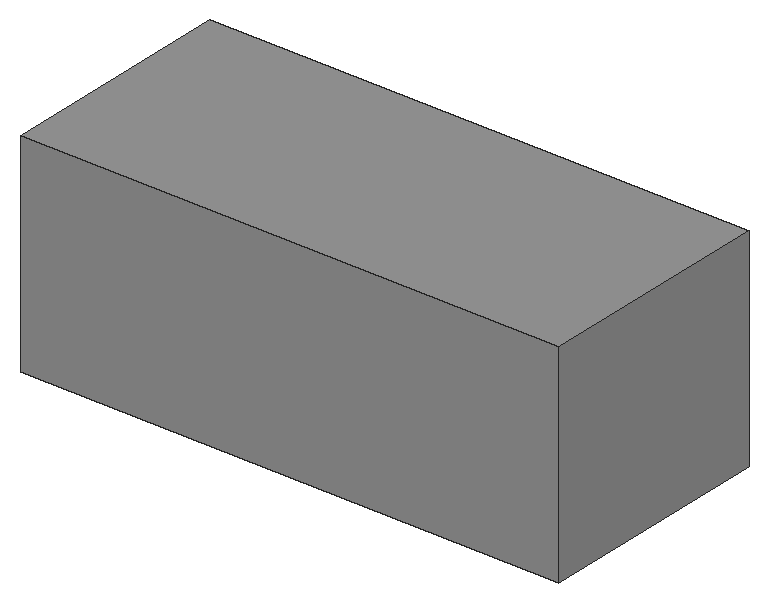
Revit family "MELINA_18W_E27_NOIR", category Lighting Fixtures, host Wall, Revit 2021
Family settings
  Host = Wall
  Round Connector Dimension = Use Diameter
  Part Type = Normal
  OmniClass Number = 23.80.70.00
  OmniClass Title = Lighting
  Always vertical = Yes
  Cut with Voids When Loaded = No
  Light Source = Yes
  Shared = No
  Room Calculation Point = No
Parameters (values of type "Type 1")
  Wattage = 9.2903 W
  built-in parameter 1150110 = 1 (stored number, unit not read)
  Type de lampe = "LED"
  Type de douille = "E27"
  Type = "Applique murale"
  built-in parameter 1114217 = 1 (stored number, unit not read)
  built-in parameter 1150109 = 1 (stored number, unit not read)
  built-in parameter 1150134 = (empty or 0)
  built-in parameter 1150113 = 1 (stored number, unit not read)
  Puissance nominale = "Max 18W"
  Matériau = "ABS"
  Lumens = 1380 lm
  built-in parameter 1150115 = 1 (stored number, unit not read)
  built-in parameter 1150105 = 439.27 (stored number, unit not read)
  Light Source Symbol Size = 609.6 mm
  built-in parameter 1150137 = (empty or 0)
  built-in parameter 1150139 = (empty or 0)
  built-in parameter 1150112 = 1 (stored number, unit not read)
  built-in parameter 1150114 = 1 (stored number, unit not read)
  built-in parameter 1150132 = 2
  built-in parameter 1150102 = (empty or 0)
  built-in parameter 1150138 = (empty or 0)
  built-in parameter 1150107 = 3000 (stored number, unit not read)
  built-in parameter 1150106 = 4.3927 (stored number, unit not read)
  Fintion = "Noir"
  Emit from Line Length = 609.6 mm
  built-in parameter 1150104 = 13.8 (stored number, unit not read)
  Dimming Lamp Color Temperature Shift = <None>
  Dimensions = "230 x 90 x 101 mm"
  Diffuseur = "Polycarbonate"
  Default Elevation = 0 mm
  Color Filter = 16777215
  built-in parameter 1114218 = 1 (stored number, unit not read)
  built-in parameter 1150133 = 10 (stored number, unit not read)
  Alimentation Driver = "AC 220-240V"
Reference planes
  plane 1: y = 0
  plane 2 "Light Source Axis (L/R)": x = 125
  plane 3 "Light Source Axis (F/R)": y = 150
  plane 4 "Light Source Elevation": z = 1800
Forms (mm)
  Extrusion 1, solid, material "Plastic, Opaque White"
    sketch origin (0, 150, 0) x (1, 0, 0) y (0, 0, 1)
      loop
        line (240, 1845) -> (10, 1845) -> (10, 1755) -> (240, 1755) -> (240, 1845)
    from -26 to 75
  Extrusion 2, void
    sketch origin (125, 0, 0) x (0, 1, 0) y (0, 0, 1)
      loop
        line (170.922, 1794.846) -> (110.922, 1794.846) -> (110.922, 1729.846) -> (170.922, 1729.846) -> (170.922, 1794.846)
    from -108.328 to 108.243
  Extrusion 3, solid, material "Glass, White, High Luminance"
    sketch origin (0, 150, 0) x (1, 0, 0) y (0, 0, 1)
      loop
        line (233.243, 1761.52) -> (16.672, 1761.52) -> (16.672, 1755) -> (233.243, 1755) -> (233.243, 1761.52)
    from -20.922 to 39.078
Cuts and joins
  Extrusion 2 cuts Extrusion 1
Lines and regions (mm)
  reference lines
    curve 1: line (125, 150, 1800) -> (10, 150, 1800)
    curve 2: line (10, 150, 1800) -> (10, 150, 1845)
    curve 3: line (10, 150, 1845) -> (240, 150, 1845)
    curve 4: line (240, 150, 1845) -> (240, 150, 1755)
    curve 5: line (240, 150, 1755) -> (10, 150, 1755)
    curve 6: line (10, 150, 1755) -> (10, 150, 1800)
    curve 7: line (125, 75, 1755) -> (125, 176, 1755)
Text (mm)
  text "Placement side" at (-1787.139, 1116.779, 0), in view "Ref. Level"
  text "Placement side" at (0, 296.899, 2986.058), in view "Left"
  text "Placement side" at (0, 628.478, 3011.967), in view "Right"
Dimensions and locks
  Extrusion 2 to curve 5 = 39.846 mm
  aligned and locked: plane 1 to host wall
  aligned and locked: plane 2 "Light Source Axis (L/R)" to imposter light
  aligned and locked: plane 3 "Light Source Axis (F/R)" to imposter light
  aligned and locked: plane 4 "Light Source Elevation" to imposter light
